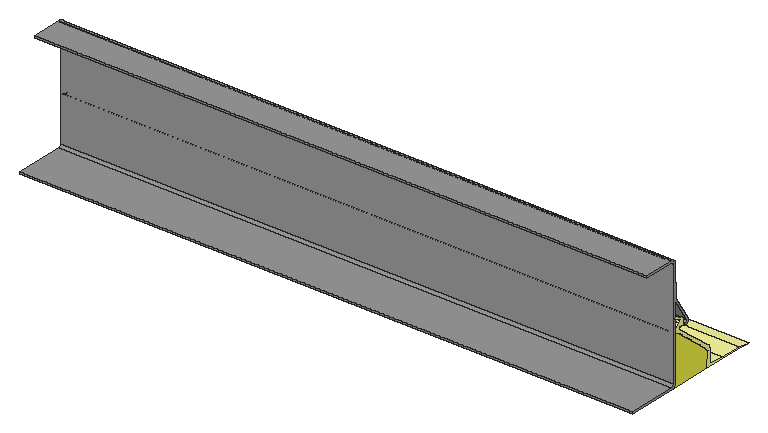
Revit family "HT S 100", category Generic Models, Revit 2014
Parameters (values of type "Max lintel length 3600mm")
  URL = "http://www.keystonelintels.co.uk"
  Structural Opening [instance] = 900 mm
  Structural Performance = "The Keystone lintel range has safe working loads as detailed in each applicable loading table in the Keystone Lintel Guide brochure. The structural performance figures within each table have been ascertained by testing in accordance with the requirements of standards BS EN 5977-2: 1983 and BS EN 845-2: 2003."
  RIBA Productor Selector = "available for Keystone Lintels Ltd from Keystone Lintels Ltd from ribaproductselector.com"
  Model = "HT/S 100"
  Min Length = 600 mm
  Min Clear Span = 300 mm
  Max Length = 4800 mm
  Max Clear Span = 4800 mm
  Material - Stainless Steel = "Grade 304 2b 1.4307 to BS EN 10088-2. Other grades available on request: contact manufacturer."
  Material - Galvanised Steel = "To BS EN 10346: 2009. DX51D plus Z600 or grade Z275 to BS 5977-2: 1983 (BS EN 845-2: 2003)."
  Manufacturer = "Keystone"
  Manufactured Length [instance] = (roundup(Effective Length / 150 mm) * 150 mm)  # 1200 mm
  Lintel height [instance] = 2100 mm
  Keynote = "F30/755"
  Fire Performance = "Keystone lintels have been subjected to a fire test (WARRES No. 101263) in accordance with BS 476-20: 1987, at Exova Warrington Fire and achieved a one hour fire performance."
  End Bearing = 150 mm
  Effective Length [instance] = Clear Opening with MIN MAX set + End Bearing * 2  # 1200 mm
  Corrosion = "Keystone’s standard range of lintels are manufactured from high quality grade pre-galvanized carbon steel with a zinc coating of 600"
  Contact Tel = "+44 (0)28 8676 2184"
  Contact Email = "info@keystonelintels.co.uk"
  Clear Opening with MIN MAX set [instance] = if(Structural Opening < Min Clear Span, Min Clear Span, (if(Structural Opening > Max Clear Span, Max Clear Span, Structural Opening)))  # 900 mm
  CPD Information = "Available for Keystone Lintels Ltd from ribacpd.com"
Reference planes
  plane 1 "Center (Front/Back)": y = 0
  plane 2: z = 0
  plane 3 "Center (Left/Right)": x = 0
  plane 4: x = -600
  plane 5: x = 600
  plane 6: z = 2100
  plane 7: x = -450
  plane 8: x = 450
Forms (mm)
  Extrusion 1, solid, material "GRP"
    sketch origin (0, 713.419, -498.029) x (0, 1, 0) y (0, 0, 1)
      loop
        line (-596.465, 2598.029) -> (-576.112, 2596.053) -> (-575.823, 2599.039) -> (-596.32, 2601.029) -> (-637.905, 2601.081) -> (-668.595, 2604.488)
        arc (-668.595, 2604.488) -> (-670.526, 2605.458) -> (-671.304, 2607.474) r 3
        line (-671.304, 2607.474) -> (-671.304, 2630.755)
        arc (-671.304, 2630.755) -> (-672.267, 2635.036) -> (-674.97, 2638.492) r 10
        line (-674.97, 2638.492) -> (-744.221, 2695.189)
        arc (-744.221, 2695.189) -> (-744.773, 2695.782) -> (-745.146, 2696.501) r 3
        line (-745.146, 2696.501) -> (-745.146, 2700.51) -> (-737.185, 2700.51) -> (-737.185, 2710.934)
        arc (-737.185, 2710.934) -> (-738.219, 2714.595) -> (-741.015, 2717.175) r 7
        line (-741.015, 2717.175) -> (-754.631, 2724.092)
        arc (-754.631, 2724.092) -> (-755.687, 2723.997) -> (-756.065, 2723.006) r 1
        line (-756.065, 2723.006) -> (-755.104, 2718.163) -> (-745.869, 2713.472)
        arc (-745.869, 2713.472) -> (-744.002, 2710.926) -> (-744.944, 2707.913) r 3.5
        line (-744.944, 2707.913) -> (-754.104, 2698.481) -> (-754.104, 2692.889)
        arc (-754.104, 2692.889) -> (-753.518, 2691.475) -> (-752.104, 2690.889) r 2
        line (-752.104, 2690.889) -> (-747.53, 2690.889)
        arc (-747.53, 2690.889) -> (-713.419, 2664.857) -> (-681.385, 2636.309) r 564.326
        arc (-681.385, 2636.309) -> (-676.516, 2629.085) -> (-675.282, 2620.461) r 19.484
        line (-675.282, 2620.461) -> (-676.323, 2607.977) -> (-676.323, 2601.029)
        arc (-676.323, 2601.029) -> (-677.858, 2599.529) -> (-676.323, 2598.029) r 1.5
        line (-676.323, 2598.029) -> (-596.465, 2598.029)
    from -600 to 600
  Extrusion 2, solid, material "Steel"
    sketch origin (0, 713.419, -498.029) x (0, 1, 0) y (0, 0, 1)
      loop
        line (-858.15, 2598.029) -> (-762.85, 2598.029)
        arc (-762.85, 2598.029) -> (-757.264, 2600.343) -> (-754.95, 2605.929) r 7.9
        line (-754.95, 2605.929) -> (-754.95, 2752.761) -> (-725.822, 2705.2)
        arc (-725.822, 2705.2) -> (-725.649, 2702.108) -> (-728.301, 2700.51) r 3
        line (-728.301, 2700.51) -> (-745.065, 2700.51) -> (-745.065, 2698.01) -> (-728.302, 2698.01)
        arc (-728.302, 2698.01) -> (-723.455, 2700.909) -> (-723.718, 2706.55) r 5.5
        line (-723.718, 2706.55) -> (-752.45, 2753.702) -> (-752.45, 2781.449) -> (-754.95, 2781.449) -> (-754.95, 2816.516)
        arc (-754.95, 2816.516) -> (-757.259, 2822.111) -> (-762.85, 2824.429) r 7.9
        line (-762.85, 2824.429) -> (-823.15, 2824.429) -> (-823.15, 2821.229) -> (-762.85, 2821.229)
        arc (-762.85, 2821.229) -> (-759.526, 2819.852) -> (-758.15, 2816.529) r 4.7
        line (-758.15, 2816.529) -> (-758.15, 2605.929)
        arc (-758.15, 2605.929) -> (-759.526, 2602.606) -> (-762.85, 2601.229) r 4.7
        line (-762.85, 2601.229) -> (-858.15, 2601.229) -> (-858.15, 2598.029)
    from -600 to 600
  Extrusion 3, solid, material "Insulation"
    sketch origin (0, 713.419, -498.029) x (0, 1, 0) y (0, 0, 1)
      loop
        line (-762.85, 2598.029) -> (-676.323, 2598.029)
        arc (-676.323, 2598.029) -> (-677.858, 2599.529) -> (-676.323, 2601.029) r 1.5
        line (-676.323, 2601.029) -> (-676.323, 2607.977) -> (-675.282, 2620.461)
        arc (-675.282, 2620.461) -> (-676.516, 2629.085) -> (-681.385, 2636.309) r 19.484
        arc (-681.385, 2636.309) -> (-713.419, 2664.857) -> (-747.53, 2690.889) r 564.326
        line (-747.53, 2690.889) -> (-754.95, 2690.889) -> (-754.95, 2605.929)
        arc (-754.95, 2605.929) -> (-757.264, 2600.343) -> (-762.85, 2598.029) r 7.9
    from -600 to 600
  Extrusion 4, solid, not visible
    sketch origin (0, 939.404, 1200.061) x (0, 1, 0) y (0, 0, 1)
      loop
        line (-596.465, 998.029) -> (-576.112, 996.053) -> (-575.823, 999.039) -> (-596.32, 1001.029) -> (-637.905, 1001.081) -> (-668.595, 1004.488)
        arc (-668.595, 1004.488) -> (-670.526, 1005.458) -> (-671.304, 1007.474) r 3
        line (-671.304, 1007.474) -> (-671.304, 1030.755)
        arc (-671.304, 1030.755) -> (-672.267, 1035.036) -> (-674.97, 1038.492) r 10
        line (-674.97, 1038.492) -> (-744.221, 1095.189)
        arc (-744.221, 1095.189) -> (-744.773, 1095.782) -> (-745.146, 1096.501) r 3
        line (-745.146, 1096.501) -> (-745.146, 1100.51) -> (-737.185, 1100.51) -> (-737.185, 1110.934)
        arc (-737.185, 1110.934) -> (-738.219, 1114.595) -> (-741.015, 1117.175) r 7
        line (-741.015, 1117.175) -> (-754.631, 1124.092)
        arc (-754.631, 1124.092) -> (-755.687, 1123.997) -> (-756.065, 1123.006) r 1
        line (-756.065, 1123.006) -> (-755.104, 1118.163) -> (-745.869, 1113.472)
        arc (-745.869, 1113.472) -> (-744.002, 1110.926) -> (-744.944, 1107.913) r 3.5
        line (-744.944, 1107.913) -> (-754.104, 1098.481) -> (-754.104, 1092.889)
        arc (-754.104, 1092.889) -> (-753.518, 1091.475) -> (-752.104, 1090.889) r 2
        line (-752.104, 1090.889) -> (-747.53, 1090.889)
        arc (-747.53, 1090.889) -> (-713.419, 1064.857) -> (-681.385, 1036.309) r 564.326
        arc (-681.385, 1036.309) -> (-676.516, 1029.085) -> (-675.282, 1020.461) r 19.484
        line (-675.282, 1020.461) -> (-676.323, 1007.977) -> (-676.323, 1001.029)
        arc (-676.323, 1001.029) -> (-677.858, 999.529) -> (-676.323, 998.029) r 1.5
        line (-676.323, 998.029) -> (-596.465, 998.029)
    from 0 to 250
  Extrusion 5, solid, not visible
    sketch origin (0, 536.205, 1291.475) x (0, 1, 0) y (0, 0, 1)
      loop
        line (-858.15, 998.029) -> (-762.85, 998.029)
        arc (-762.85, 998.029) -> (-757.264, 1000.343) -> (-754.95, 1005.929) r 7.9
        line (-754.95, 1005.929) -> (-754.95, 1152.761) -> (-725.822, 1105.2)
        arc (-725.822, 1105.2) -> (-725.649, 1102.108) -> (-728.301, 1100.51) r 3
        line (-728.301, 1100.51) -> (-745.065, 1100.51) -> (-745.065, 1098.01) -> (-728.302, 1098.01)
        arc (-728.302, 1098.01) -> (-723.455, 1100.909) -> (-723.718, 1106.55) r 5.5
        line (-723.718, 1106.55) -> (-752.45, 1153.702) -> (-752.45, 1181.449) -> (-754.95, 1181.449) -> (-754.95, 1216.516)
        arc (-754.95, 1216.516) -> (-757.259, 1222.111) -> (-762.85, 1224.429) r 7.9
        line (-762.85, 1224.429) -> (-823.15, 1224.429) -> (-823.15, 1221.229) -> (-762.85, 1221.229)
        arc (-762.85, 1221.229) -> (-759.526, 1219.852) -> (-758.15, 1216.529) r 4.7
        line (-758.15, 1216.529) -> (-758.15, 1005.929)
        arc (-758.15, 1005.929) -> (-759.526, 1002.606) -> (-762.85, 1001.229) r 4.7
        line (-762.85, 1001.229) -> (-858.15, 1001.229) -> (-858.15, 998.029)
    from 0 to 250
  Extrusion 6, solid, not visible
    sketch origin (0, 840.464, 960.336) x (0, 1, 0) y (0, 0, 1)
      loop
        line (-762.85, 998.029) -> (-676.323, 998.029)
        arc (-676.323, 998.029) -> (-677.858, 999.529) -> (-676.323, 1001.029) r 1.5
        line (-676.323, 1001.029) -> (-676.323, 1007.977) -> (-675.282, 1020.461)
        arc (-675.282, 1020.461) -> (-676.516, 1029.085) -> (-681.385, 1036.309) r 19.484
        arc (-681.385, 1036.309) -> (-713.419, 1064.857) -> (-747.53, 1090.889) r 564.326
        line (-747.53, 1090.889) -> (-754.95, 1090.889) -> (-754.95, 1005.929)
        arc (-754.95, 1005.929) -> (-757.264, 1000.343) -> (-762.85, 998.029) r 7.9
    from 0 to 250
Dimensions and locks
  equal spacing: plane 4, plane 3 "Center (Left/Right)", plane 5
  "Manufactured Length": plane 4 to plane 5
  "Lintel height": plane 6 to level
  "Structural Opening": plane 7 to plane 8
  equal spacing: plane 7, plane 3 "Center (Left/Right)", plane 8
  aligned and locked: level to plane 2
  aligned and locked: Extrusion 1 to plane 6
  aligned and locked: Extrusion 3 to plane 6
  aligned and locked: Extrusion 2 to plane 6
  aligned and locked: plane 5 to Extrusion 2
  aligned and locked: Extrusion 2 to plane 4
  aligned and locked: plane 5 to Extrusion 1
  aligned and locked: Extrusion 1 to plane 4
  aligned and locked: plane 5 to Extrusion 3
  aligned and locked: Extrusion 3 to plane 4
Automatic sketch dimensions
  Extrusion 1 sketch curve to Extrusion 1 sketch curve = 20.353 mm
  Extrusion 1 sketch curve to Extrusion 1 sketch curve = 0.29 mm
  Extrusion 1 sketch curve to Extrusion 1 sketch curve = 1.976 mm
  Extrusion 1 sketch curve to Extrusion 1 sketch curve = 2.986 mm  (x2)
  Extrusion 1 sketch curve to Extrusion 1 sketch curve = 0.145 mm
  Extrusion 1 sketch curve to Extrusion 1 sketch curve = 79.857 mm
  Extrusion 1 sketch curve to Extrusion 1 sketch curve = 38.418 mm
  Extrusion 1 sketch curve to Extrusion 1 sketch curve = 3.052 mm
  Extrusion 1 sketch curve to Extrusion 1 sketch curve = 7.727 mm
  Extrusion 1 sketch curve to Extrusion 1 sketch curve = 6.459 mm
  Extrusion 1 sketch curve to Extrusion 1 sketch curve = 0.291 mm
  Extrusion 1 sketch curve to Extrusion 1 sketch curve = 23.281 mm
  Extrusion 1 sketch curve to Extrusion 1 sketch curve = 0.035 mm  (x2)
  Extrusion 1 sketch curve to Extrusion 1 sketch curve = 1.5 mm
  Extrusion 1 sketch curve to Extrusion 1 sketch curve = 0.503 mm
  Extrusion 1 sketch curve to Extrusion 1 sketch curve = 3.978 mm
  Extrusion 1 sketch curve to Extrusion 1 sketch curve = 10.293 mm
  Extrusion 1 sketch curve to Extrusion 1 sketch curve = 19.416 mm
  Extrusion 1 sketch curve to Extrusion 1 sketch curve = 1.622 mm
  Extrusion 1 sketch curve to Extrusion 1 sketch curve = 10.081 mm
  Extrusion 1 sketch curve to Extrusion 1 sketch curve = 0.081 mm
  Extrusion 1 sketch curve to Extrusion 1 sketch curve = 6.415 mm
  Extrusion 1 sketch curve to Extrusion 1 sketch curve = 62.836 mm
  Extrusion 1 sketch curve to Extrusion 1 sketch curve = 58.88 mm
  Extrusion 1 sketch curve to Extrusion 1 sketch curve = 396.266 mm
  Extrusion 1 sketch curve to Extrusion 1 sketch curve = 368.443 mm
  Extrusion 1 sketch curve to Extrusion 1 sketch curve = 3.308 mm
  Extrusion 1 sketch curve to Extrusion 1 sketch curve = 4.575 mm
  Extrusion 1 sketch curve to Extrusion 1 sketch curve = 2 mm
  Extrusion 1 sketch curve to Extrusion 1 sketch curve = 5.592 mm
  Extrusion 1 sketch curve to Extrusion 1 sketch curve = 0.722 mm
  Extrusion 1 sketch curve to Extrusion 1 sketch curve = 12.724 mm
  Extrusion 1 sketch curve to Extrusion 1 sketch curve = 1.9 mm
  Extrusion 1 sketch curve to Extrusion 1 sketch curve = 2.321 mm
  Extrusion 1 sketch curve to Extrusion 1 sketch curve = 0.925 mm
  Extrusion 1 sketch curve to Extrusion 1 sketch curve = 4.009 mm
  Extrusion 1 sketch curve to Extrusion 1 sketch curve = 5.136 mm
  Extrusion 1 sketch curve to Extrusion 1 sketch curve = 3.021 mm
  Extrusion 1 sketch curve to Extrusion 1 sketch curve = 2.511 mm
  Extrusion 1 sketch curve to Extrusion 1 sketch curve = 2.438 mm
  Extrusion 1 sketch curve to Extrusion 1 sketch curve = 1.585 mm
  Extrusion 1 sketch curve to Extrusion 1 sketch curve = 1.684 mm
  Extrusion 1 sketch curve to Extrusion 1 sketch curve = 4.854 mm
  Extrusion 1 sketch curve to Extrusion 1 sketch curve = 9.235 mm
  Extrusion 1 sketch curve to Extrusion 1 sketch curve = 4.691 mm
  Extrusion 1 sketch curve to Extrusion 1 sketch curve = 0.474 mm
  Extrusion 1 sketch curve to Extrusion 1 sketch curve = 5.928 mm
  Extrusion 1 sketch curve to Extrusion 1 sketch curve = 1.434 mm
  Extrusion 1 sketch curve to Extrusion 1 sketch curve = 1.086 mm
  Extrusion 1 sketch curve to Extrusion 1 sketch curve = 0.453 mm
  Extrusion 2 sketch curve to Extrusion 2 sketch curve = 95.3 mm
  Extrusion 2 sketch curve to Extrusion 2 sketch curve = 3.2 mm  (x2)
  Extrusion 2 sketch curve to Extrusion 2 sketch curve = 0 mm  (x9)
  Extrusion 2 sketch curve to Extrusion 2 sketch curve = 4.7 mm  (x2)
  Extrusion 2 sketch curve to Extrusion 2 sketch curve = 210.6 mm
  Extrusion 2 sketch curve to Extrusion 2 sketch curve = 63.768 mm
  Extrusion 2 sketch curve to Extrusion 2 sketch curve = 65 mm
  Extrusion 2 sketch curve to Extrusion 2 sketch curve = 0.941 mm
  Extrusion 2 sketch curve to Extrusion 2 sketch curve = 27.747 mm
  Extrusion 2 sketch curve to Extrusion 2 sketch curve = 28.732 mm
  Extrusion 2 sketch curve to Extrusion 2 sketch curve = 47.152 mm
  Extrusion 2 sketch curve to Extrusion 2 sketch curve = 2.104 mm
  Extrusion 2 sketch curve to Extrusion 2 sketch curve = 3.04 mm
  Extrusion 2 sketch curve to Extrusion 2 sketch curve = 1.35 mm
  Extrusion 2 sketch curve to Extrusion 2 sketch curve = 0.001 mm  (x2)
  Extrusion 2 sketch curve to Extrusion 2 sketch curve = 16.764 mm
  Extrusion 2 sketch curve to Extrusion 2 sketch curve = 2.5 mm  (x2)
  Extrusion 3 sketch curve to Extrusion 3 sketch curve = 0.035 mm  (x2)
  Extrusion 3 sketch curve to Extrusion 3 sketch curve = 1.5 mm
  Extrusion 3 sketch curve to Extrusion 3 sketch curve = 6.948 mm
  Extrusion 3 sketch curve to Extrusion 3 sketch curve = 1.04 mm
  Extrusion 3 sketch curve to Extrusion 3 sketch curve = 12.485 mm
  Extrusion 3 sketch curve to Extrusion 3 sketch curve = 19.416 mm
  Extrusion 3 sketch curve to Extrusion 3 sketch curve = 1.622 mm
  Extrusion 3 sketch curve to Extrusion 3 sketch curve = 6.103 mm
  Extrusion 3 sketch curve to Extrusion 3 sketch curve = 309.739 mm
  Extrusion 3 sketch curve to Extrusion 3 sketch curve = 368.443 mm
  Extrusion 3 sketch curve to Extrusion 3 sketch curve = 66.145 mm
  Extrusion 3 sketch curve to Extrusion 3 sketch curve = 0 mm
  Extrusion 3 sketch curve to Extrusion 3 sketch curve = 7.9 mm  (x2)
  Extrusion 3 sketch curve to Extrusion 3 sketch curve = 7.42 mm
  Extrusion 4 sketch curve to Extrusion 4 sketch curve = 20.353 mm
  Extrusion 4 sketch curve to Extrusion 4 sketch curve = 0.29 mm
  Extrusion 4 sketch curve to Extrusion 4 sketch curve = 1.976 mm
  Extrusion 4 sketch curve to Extrusion 4 sketch curve = 2.986 mm  (x2)
  Extrusion 4 sketch curve to Extrusion 4 sketch curve = 0.145 mm
  Extrusion 4 sketch curve to Extrusion 4 sketch curve = 79.857 mm
  Extrusion 4 sketch curve to Extrusion 4 sketch curve = 38.418 mm
  Extrusion 4 sketch curve to Extrusion 4 sketch curve = 3.052 mm
  Extrusion 4 sketch curve to Extrusion 4 sketch curve = 7.727 mm
  Extrusion 4 sketch curve to Extrusion 4 sketch curve = 6.459 mm
  Extrusion 4 sketch curve to Extrusion 4 sketch curve = 0.291 mm
  Extrusion 4 sketch curve to Extrusion 4 sketch curve = 23.281 mm
  Extrusion 4 sketch curve to Extrusion 4 sketch curve = 0.035 mm  (x2)
  Extrusion 4 sketch curve to Extrusion 4 sketch curve = 1.5 mm
  Extrusion 4 sketch curve to Extrusion 4 sketch curve = 0.503 mm
  Extrusion 4 sketch curve to Extrusion 4 sketch curve = 3.978 mm
  Extrusion 4 sketch curve to Extrusion 4 sketch curve = 10.293 mm
  Extrusion 4 sketch curve to Extrusion 4 sketch curve = 19.416 mm
  Extrusion 4 sketch curve to Extrusion 4 sketch curve = 1.622 mm
  Extrusion 4 sketch curve to Extrusion 4 sketch curve = 10.081 mm
  Extrusion 4 sketch curve to Extrusion 4 sketch curve = 0.081 mm
  Extrusion 4 sketch curve to Extrusion 4 sketch curve = 6.415 mm
  Extrusion 4 sketch curve to Extrusion 4 sketch curve = 62.836 mm
  Extrusion 4 sketch curve to Extrusion 4 sketch curve = 58.88 mm
  Extrusion 4 sketch curve to Extrusion 4 sketch curve = 396.266 mm
  Extrusion 4 sketch curve to Extrusion 4 sketch curve = 368.443 mm
  Extrusion 4 sketch curve to Extrusion 4 sketch curve = 3.308 mm
  Extrusion 4 sketch curve to Extrusion 4 sketch curve = 4.575 mm
  Extrusion 4 sketch curve to Extrusion 4 sketch curve = 2 mm
  Extrusion 4 sketch curve to Extrusion 4 sketch curve = 5.592 mm
  Extrusion 4 sketch curve to Extrusion 4 sketch curve = 0.722 mm
  Extrusion 4 sketch curve to Extrusion 4 sketch curve = 12.724 mm
  Extrusion 4 sketch curve to Extrusion 4 sketch curve = 1.9 mm
  Extrusion 4 sketch curve to Extrusion 4 sketch curve = 2.321 mm
  Extrusion 4 sketch curve to Extrusion 4 sketch curve = 0.925 mm
  Extrusion 4 sketch curve to Extrusion 4 sketch curve = 4.009 mm
  Extrusion 4 sketch curve to Extrusion 4 sketch curve = 5.136 mm
  Extrusion 4 sketch curve to Extrusion 4 sketch curve = 3.021 mm
  Extrusion 4 sketch curve to Extrusion 4 sketch curve = 2.511 mm
  Extrusion 4 sketch curve to Extrusion 4 sketch curve = 2.438 mm
  Extrusion 4 sketch curve to Extrusion 4 sketch curve = 1.585 mm
  Extrusion 4 sketch curve to Extrusion 4 sketch curve = 1.684 mm
  Extrusion 4 sketch curve to Extrusion 4 sketch curve = 4.854 mm
  Extrusion 4 sketch curve to Extrusion 4 sketch curve = 9.235 mm
  Extrusion 4 sketch curve to Extrusion 4 sketch curve = 4.691 mm
  Extrusion 4 sketch curve to Extrusion 4 sketch curve = 0.474 mm
  Extrusion 4 sketch curve to Extrusion 4 sketch curve = 5.928 mm
  Extrusion 4 sketch curve to Extrusion 4 sketch curve = 1.434 mm
  Extrusion 4 sketch curve to Extrusion 4 sketch curve = 1.086 mm
  Extrusion 4 sketch curve to Extrusion 4 sketch curve = 0.453 mm
  Extrusion 5 sketch curve to Extrusion 5 sketch curve = 95.3 mm
  Extrusion 5 sketch curve to Extrusion 5 sketch curve = 3.2 mm  (x2)
  Extrusion 5 sketch curve to Extrusion 5 sketch curve = 0 mm  (x9)
  Extrusion 5 sketch curve to Extrusion 5 sketch curve = 4.7 mm  (x2)
  Extrusion 5 sketch curve to Extrusion 5 sketch curve = 210.6 mm
  Extrusion 5 sketch curve to Extrusion 5 sketch curve = 63.768 mm
  Extrusion 5 sketch curve to Extrusion 5 sketch curve = 65 mm
  Extrusion 5 sketch curve to Extrusion 5 sketch curve = 0.941 mm
  Extrusion 5 sketch curve to Extrusion 5 sketch curve = 27.747 mm
  Extrusion 5 sketch curve to Extrusion 5 sketch curve = 28.732 mm
  Extrusion 5 sketch curve to Extrusion 5 sketch curve = 47.152 mm
  Extrusion 5 sketch curve to Extrusion 5 sketch curve = 2.104 mm
  Extrusion 5 sketch curve to Extrusion 5 sketch curve = 3.04 mm
  Extrusion 5 sketch curve to Extrusion 5 sketch curve = 1.35 mm
  Extrusion 5 sketch curve to Extrusion 5 sketch curve = 0.001 mm  (x2)
  Extrusion 5 sketch curve to Extrusion 5 sketch curve = 16.764 mm
  Extrusion 5 sketch curve to Extrusion 5 sketch curve = 2.5 mm  (x2)
  Extrusion 6 sketch curve to Extrusion 6 sketch curve = 0.035 mm  (x2)
  Extrusion 6 sketch curve to Extrusion 6 sketch curve = 1.5 mm
  Extrusion 6 sketch curve to Extrusion 6 sketch curve = 6.948 mm
  Extrusion 6 sketch curve to Extrusion 6 sketch curve = 1.04 mm
  Extrusion 6 sketch curve to Extrusion 6 sketch curve = 12.485 mm
  Extrusion 6 sketch curve to Extrusion 6 sketch curve = 19.416 mm
  Extrusion 6 sketch curve to Extrusion 6 sketch curve = 1.622 mm
  Extrusion 6 sketch curve to Extrusion 6 sketch curve = 6.103 mm
  Extrusion 6 sketch curve to Extrusion 6 sketch curve = 309.739 mm
  Extrusion 6 sketch curve to Extrusion 6 sketch curve = 368.443 mm
  Extrusion 6 sketch curve to Extrusion 6 sketch curve = 66.145 mm
  Extrusion 6 sketch curve to Extrusion 6 sketch curve = 0 mm
  Extrusion 6 sketch curve to Extrusion 6 sketch curve = 7.9 mm  (x2)
  Extrusion 6 sketch curve to Extrusion 6 sketch curve = 7.42 mm
  Extrusion 3 sketch curve to plane 6 = 0 mm
  plane 1 "Center (Front/Back)" to Extrusion 3 sketch curve = 359.169 mm
  Extrusion 2 sketch curve to plane 6 = 0 mm
  plane 1 "Center (Front/Back)" to Extrusion 2 sketch curve = 144.731 mm
  Extrusion 1 sketch curve to plane 6 = 0 mm
  plane 1 "Center (Front/Back)" to Extrusion 1 sketch curve = 359.169 mm
